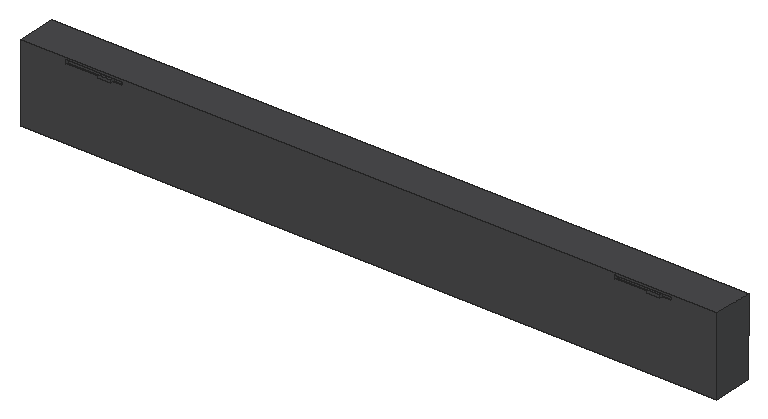
Revit family "DOT BLOCK CEILLING 646_DTSM30U6.1.36", category Luminarias, Revit 2019
Family settings
  Cota de conector redondo = Diámetro de uso
  Tipo de pieza = Normal
  Se basa en plano de trabajo = Sí
  Siempre vertical = Sí
  Corte con vacíos al cargar = No
  Origen de luz = Sí
  Compartido = No
  Punto de cálculo de habitación = No
Parameters (values of type "DOT BLOCK CEILLING 646_DTSM30U6.1.36")
  Ángulo de inclinación = 60.00°
  Zone [instance] = ""
  Watt per fixture = 30
  Wattage = 30 W
  built-in parameter 1150107 = 2700 (stored number, unit not read)
  built-in parameter 1150110 = 1 (stored number, unit not read)
  built-in parameter 1150109 = 1 (stored number, unit not read)
  built-in parameter 1150112 = 1 (stored number, unit not read)
  built-in parameter 1150113 = 1 (stored number, unit not read)
  built-in parameter 1114218 = 1 (stored number, unit not read)
  Keynote = ""
  built-in parameter 1150137 = (empty or 0)
  built-in parameter 1150132 = (empty or 0)
  Modelo = "DTSM30U6.1.36"
  Lámpara = "3030SMD PHILIPS"
  built-in parameter 1150105 = 195.76 (stored number, unit not read)
  built-in parameter 1150102 = (empty or 0)
  built-in parameter 1150106 = 1.9576 (stored number, unit not read)
  Lumens = 2460 lm
  Color Filter = 16777215
  built-in parameter 1114217 = 1 (stored number, unit not read)
  built-in parameter 1150139 = (empty or 0)
  Fabricante = "BRILLANT"
  Default Elevation = 1219.2 mm
  built-in parameter 1150104 = 7.618 (stored number, unit not read)
  Descripción = "LUMINARIA DOWNLIGHT EN FORMATO RECTANGULAR PARA SOBREPONER DIRECTO EN TECHO, CUERPO DE ALUMINIO ACABADO EN COLOR NEGRO, IP 20, PESO 1.40Kg, TIPO DE LED 3030SMD PHILIPS CON 30W TOTAL, 2300 LUMENES, 82LM/W, IRC 90, TEMPERATURA EN BLANCO CALIDO 2700K, 50 MIL HORAS DE VIDA PROMEDIO, APERTURA DE 36 GRADOS POR PROYECTO, ALIMENTADO A 90-240V"
  built-in parameter 1150115 = 1 (stored number, unit not read)
  built-in parameter 1150114 = 1 (stored number, unit not read)
  Comentarios de vataje = "90-240V"
  built-in parameter 1150138 = (empty or 0)
  built-in parameter 1150134 = (empty or 0)
  Circuit [instance] = ""
  Dimming Lamp Color Temperature Shift = (empty or 0)
  Archivo de red fotométrica = "L646A-30W-827-B-36_IESNA95.IES"
  built-in parameter 1150133 = 10 (stored number, unit not read)
Reference planes
  plane 1 "Centro (Frontal/Posterior)": y = 0
  plane 2: z = 0
  plane 3 "Centro (Izquierda/Derecha)": x = 0
Forms (mm)
  Extrusion 1, solid, material "Default Form", not visible
    sketch origin (0, 0, 0) x (1, 0, 0) y (0, 0, 1)
      loop
        line (-473, 0) -> (-473, -72) -> (473, -72) -> (473, 0) -> (-473, 0)
    from -18.326 to 18.326
  Blend 2, void, not visible
    base sketch origin (-293.63, 0, 0) x (1, 0, 0) y (0, 1, 0)
      loop
        line (-162, 16.149) -> (-162, -16.149) -> (-144.14, -16.149) -> (-144.14, 16.149) -> (-162, 16.149)
    top sketch origin (-293.63, 0, 0) x (1, 0, 0) y (0, 1, 0)
      loop
        line (-160, 12.149) -> (-160, -12.149) -> (-146.14, -12.149) -> (-146.14, 12.149) -> (-160, 12.149)
    from -72 to -61.591
  Blend 3, void, not visible
    base sketch origin (-267.33, 0, 0) x (1, 0, 0) y (0, 1, 0)
      loop
        line (-162, 16.149) -> (-162, -16.149) -> (-144.14, -16.149) -> (-144.14, 16.149) -> (-162, 16.149)
    top sketch origin (-267.33, 0, 0) x (1, 0, 0) y (0, 1, 0)
      loop
        line (-160, 12.149) -> (-160, -12.149) -> (-146.14, -12.149) -> (-146.14, 12.149) -> (-160, 12.149)
    from -72 to -61.591
  Blend 4, void, not visible
    base sketch origin (-241.03, 0, 0) x (1, 0, 0) y (0, 1, 0)
      loop
        line (-162, 16.149) -> (-162, -16.149) -> (-144.14, -16.149) -> (-144.14, 16.149) -> (-162, 16.149)
    top sketch origin (-241.03, 0, 0) x (1, 0, 0) y (0, 1, 0)
      loop
        line (-160, 12.149) -> (-160, -12.149) -> (-146.14, -12.149) -> (-146.14, 12.149) -> (-160, 12.149)
    from -72 to -61.591
  Blend 5, void, not visible
    base sketch origin (-214.73, 0, 0) x (1, 0, 0) y (0, 1, 0)
      loop
        line (-162, 16.149) -> (-162, -16.149) -> (-144.14, -16.149) -> (-144.14, 16.149) -> (-162, 16.149)
    top sketch origin (-214.73, 0, 0) x (1, 0, 0) y (0, 1, 0)
      loop
        line (-160, 12.149) -> (-160, -12.149) -> (-146.14, -12.149) -> (-146.14, 12.149) -> (-160, 12.149)
    from -72 to -61.591
  Blend 6, void, not visible
    base sketch origin (-188.43, 0, 0) x (1, 0, 0) y (0, 1, 0)
      loop
        line (-162, 16.149) -> (-162, -16.149) -> (-144.14, -16.149) -> (-144.14, 16.149) -> (-162, 16.149)
    top sketch origin (-188.43, 0, 0) x (1, 0, 0) y (0, 1, 0)
      loop
        line (-160, 12.149) -> (-160, -12.149) -> (-146.14, -12.149) -> (-146.14, 12.149) -> (-160, 12.149)
    from -72 to -61.591
  Blend 7, void, not visible
    base sketch origin (-162.13, 0, 0) x (1, 0, 0) y (0, 1, 0)
      loop
        line (-162, 16.149) -> (-162, -16.149) -> (-144.14, -16.149) -> (-144.14, 16.149) -> (-162, 16.149)
    top sketch origin (-162.13, 0, 0) x (1, 0, 0) y (0, 1, 0)
      loop
        line (-160, 12.149) -> (-160, -12.149) -> (-146.14, -12.149) -> (-146.14, 12.149) -> (-160, 12.149)
    from -72 to -61.591
  Blend 8, void, not visible
    base sketch origin (-135.83, 0, 0) x (1, 0, 0) y (0, 1, 0)
      loop
        line (-162, 16.149) -> (-162, -16.149) -> (-144.14, -16.149) -> (-144.14, 16.149) -> (-162, 16.149)
    top sketch origin (-135.83, 0, 0) x (1, 0, 0) y (0, 1, 0)
      loop
        line (-160, 12.149) -> (-160, -12.149) -> (-146.14, -12.149) -> (-146.14, 12.149) -> (-160, 12.149)
    from -72 to -61.591
  Blend 9, void, not visible
    base sketch origin (-109.53, 0, 0) x (1, 0, 0) y (0, 1, 0)
      loop
        line (-162, 16.149) -> (-162, -16.149) -> (-144.14, -16.149) -> (-144.14, 16.149) -> (-162, 16.149)
    top sketch origin (-109.53, 0, 0) x (1, 0, 0) y (0, 1, 0)
      loop
        line (-160, 12.149) -> (-160, -12.149) -> (-146.14, -12.149) -> (-146.14, 12.149) -> (-160, 12.149)
    from -72 to -61.591
  Blend 10, void, not visible
    base sketch origin (-83.23, 0, 0) x (1, 0, 0) y (0, 1, 0)
      loop
        line (-162, 16.149) -> (-162, -16.149) -> (-144.14, -16.149) -> (-144.14, 16.149) -> (-162, 16.149)
    top sketch origin (-83.23, 0, 0) x (1, 0, 0) y (0, 1, 0)
      loop
        line (-160, 12.149) -> (-160, -12.149) -> (-146.14, -12.149) -> (-146.14, 12.149) -> (-160, 12.149)
    from -72 to -61.591
  Blend 11, void, not visible
    base sketch origin (-56.93, 0, 0) x (1, 0, 0) y (0, 1, 0)
      loop
        line (-162, 16.149) -> (-162, -16.149) -> (-144.14, -16.149) -> (-144.14, 16.149) -> (-162, 16.149)
    top sketch origin (-56.93, 0, 0) x (1, 0, 0) y (0, 1, 0)
      loop
        line (-160, 12.149) -> (-160, -12.149) -> (-146.14, -12.149) -> (-146.14, 12.149) -> (-160, 12.149)
    from -72 to -61.591
  Blend 12, void, not visible
    base sketch origin (-30.63, 0, 0) x (1, 0, 0) y (0, 1, 0)
      loop
        line (-162, 16.149) -> (-162, -16.149) -> (-144.14, -16.149) -> (-144.14, 16.149) -> (-162, 16.149)
    top sketch origin (-30.63, 0, 0) x (1, 0, 0) y (0, 1, 0)
      loop
        line (-160, 12.149) -> (-160, -12.149) -> (-146.14, -12.149) -> (-146.14, 12.149) -> (-160, 12.149)
    from -72 to -61.591
  Blend 13, void, not visible
    base sketch origin (-4.33, 0, 0) x (1, 0, 0) y (0, 1, 0)
      loop
        line (-162, 16.149) -> (-162, -16.149) -> (-144.14, -16.149) -> (-144.14, 16.149) -> (-162, 16.149)
    top sketch origin (-4.33, 0, 0) x (1, 0, 0) y (0, 1, 0)
      loop
        line (-160, 12.149) -> (-160, -12.149) -> (-146.14, -12.149) -> (-146.14, 12.149) -> (-160, 12.149)
    from -72 to -61.591
  Blend 14, void, not visible
    base sketch origin (21.97, 0, 0) x (1, 0, 0) y (0, 1, 0)
      loop
        line (-162, 16.149) -> (-162, -16.149) -> (-144.14, -16.149) -> (-144.14, 16.149) -> (-162, 16.149)
    top sketch origin (21.97, 0, 0) x (1, 0, 0) y (0, 1, 0)
      loop
        line (-160, 12.149) -> (-160, -12.149) -> (-146.14, -12.149) -> (-146.14, 12.149) -> (-160, 12.149)
    from -72 to -61.591
  Blend 15, void, not visible
    base sketch origin (48.27, 0, 0) x (1, 0, 0) y (0, 1, 0)
      loop
        line (-162, 16.149) -> (-162, -16.149) -> (-144.14, -16.149) -> (-144.14, 16.149) -> (-162, 16.149)
    top sketch origin (48.27, 0, 0) x (1, 0, 0) y (0, 1, 0)
      loop
        line (-160, 12.149) -> (-160, -12.149) -> (-146.14, -12.149) -> (-146.14, 12.149) -> (-160, 12.149)
    from -72 to -61.591
  Blend 16, void, not visible
    base sketch origin (74.57, 0, 0) x (1, 0, 0) y (0, 1, 0)
      loop
        line (-162, 16.149) -> (-162, -16.149) -> (-144.14, -16.149) -> (-144.14, 16.149) -> (-162, 16.149)
    top sketch origin (74.57, 0, 0) x (1, 0, 0) y (0, 1, 0)
      loop
        line (-160, 12.149) -> (-160, -12.149) -> (-146.14, -12.149) -> (-146.14, 12.149) -> (-160, 12.149)
    from -72 to -61.591
  Blend 17, void, not visible
    base sketch origin (100.87, 0, 0) x (1, 0, 0) y (0, 1, 0)
      loop
        line (-162, 16.149) -> (-162, -16.149) -> (-144.14, -16.149) -> (-144.14, 16.149) -> (-162, 16.149)
    top sketch origin (100.87, 0, 0) x (1, 0, 0) y (0, 1, 0)
      loop
        line (-160, 12.149) -> (-160, -12.149) -> (-146.14, -12.149) -> (-146.14, 12.149) -> (-160, 12.149)
    from -72 to -61.591
  Blend 18, void, not visible
    base sketch origin (127.17, 0, 0) x (1, 0, 0) y (0, 1, 0)
      loop
        line (-162, 16.149) -> (-162, -16.149) -> (-144.14, -16.149) -> (-144.14, 16.149) -> (-162, 16.149)
    top sketch origin (127.17, 0, 0) x (1, 0, 0) y (0, 1, 0)
      loop
        line (-160, 12.149) -> (-160, -12.149) -> (-146.14, -12.149) -> (-146.14, 12.149) -> (-160, 12.149)
    from -72 to -61.591
  Blend 19, void, not visible
    base sketch origin (153.47, 0, 0) x (1, 0, 0) y (0, 1, 0)
      loop
        line (-162, 16.149) -> (-162, -16.149) -> (-144.14, -16.149) -> (-144.14, 16.149) -> (-162, 16.149)
    top sketch origin (153.47, 0, 0) x (1, 0, 0) y (0, 1, 0)
      loop
        line (-160, 12.149) -> (-160, -12.149) -> (-146.14, -12.149) -> (-146.14, 12.149) -> (-160, 12.149)
    from -72 to -61.591
  Blend 20, void, not visible
    base sketch origin (179.77, 0, 0) x (1, 0, 0) y (0, 1, 0)
      loop
        line (-162, 16.149) -> (-162, -16.149) -> (-144.14, -16.149) -> (-144.14, 16.149) -> (-162, 16.149)
    top sketch origin (179.77, 0, 0) x (1, 0, 0) y (0, 1, 0)
      loop
        line (-160, 12.149) -> (-160, -12.149) -> (-146.14, -12.149) -> (-146.14, 12.149) -> (-160, 12.149)
    from -72 to -61.591
  Blend 21, void, not visible
    base sketch origin (206.07, 0, 0) x (1, 0, 0) y (0, 1, 0)
      loop
        line (-162, 16.149) -> (-162, -16.149) -> (-144.14, -16.149) -> (-144.14, 16.149) -> (-162, 16.149)
    top sketch origin (206.07, 0, 0) x (1, 0, 0) y (0, 1, 0)
      loop
        line (-160, 12.149) -> (-160, -12.149) -> (-146.14, -12.149) -> (-146.14, 12.149) -> (-160, 12.149)
    from -72 to -61.591
  Blend 22, void, not visible
    base sketch origin (232.37, 0, 0) x (1, 0, 0) y (0, 1, 0)
      loop
        line (-162, 16.149) -> (-162, -16.149) -> (-144.14, -16.149) -> (-144.14, 16.149) -> (-162, 16.149)
    top sketch origin (232.37, 0, 0) x (1, 0, 0) y (0, 1, 0)
      loop
        line (-160, 12.149) -> (-160, -12.149) -> (-146.14, -12.149) -> (-146.14, 12.149) -> (-160, 12.149)
    from -72 to -61.591
  Blend 23, void, not visible
    base sketch origin (258.67, 0, 0) x (1, 0, 0) y (0, 1, 0)
      loop
        line (-162, 16.149) -> (-162, -16.149) -> (-144.14, -16.149) -> (-144.14, 16.149) -> (-162, 16.149)
    top sketch origin (258.67, 0, 0) x (1, 0, 0) y (0, 1, 0)
      loop
        line (-160, 12.149) -> (-160, -12.149) -> (-146.14, -12.149) -> (-146.14, 12.149) -> (-160, 12.149)
    from -72 to -61.591
  Blend 24, void, not visible
    base sketch origin (284.97, 0, 0) x (1, 0, 0) y (0, 1, 0)
      loop
        line (-162, 16.149) -> (-162, -16.149) -> (-144.14, -16.149) -> (-144.14, 16.149) -> (-162, 16.149)
    top sketch origin (284.97, 0, 0) x (1, 0, 0) y (0, 1, 0)
      loop
        line (-160, 12.149) -> (-160, -12.149) -> (-146.14, -12.149) -> (-146.14, 12.149) -> (-160, 12.149)
    from -72 to -61.591
  Blend 25, void, not visible
    base sketch origin (311.27, 0, 0) x (1, 0, 0) y (0, 1, 0)
      loop
        line (-162, 16.149) -> (-162, -16.149) -> (-144.14, -16.149) -> (-144.14, 16.149) -> (-162, 16.149)
    top sketch origin (311.27, 0, 0) x (1, 0, 0) y (0, 1, 0)
      loop
        line (-160, 12.149) -> (-160, -12.149) -> (-146.14, -12.149) -> (-146.14, 12.149) -> (-160, 12.149)
    from -72 to -61.591
  Blend 26, void, not visible
    base sketch origin (337.57, 0, 0) x (1, 0, 0) y (0, 1, 0)
      loop
        line (-162, 16.149) -> (-162, -16.149) -> (-144.14, -16.149) -> (-144.14, 16.149) -> (-162, 16.149)
    top sketch origin (337.57, 0, 0) x (1, 0, 0) y (0, 1, 0)
      loop
        line (-160, 12.149) -> (-160, -12.149) -> (-146.14, -12.149) -> (-146.14, 12.149) -> (-160, 12.149)
    from -72 to -61.591
  Blend 27, void, not visible
    base sketch origin (363.87, 0, 0) x (1, 0, 0) y (0, 1, 0)
      loop
        line (-162, 16.149) -> (-162, -16.149) -> (-144.14, -16.149) -> (-144.14, 16.149) -> (-162, 16.149)
    top sketch origin (363.87, 0, 0) x (1, 0, 0) y (0, 1, 0)
      loop
        line (-160, 12.149) -> (-160, -12.149) -> (-146.14, -12.149) -> (-146.14, 12.149) -> (-160, 12.149)
    from -72 to -61.591
  Blend 28, void, not visible
    base sketch origin (390.17, 0, 0) x (1, 0, 0) y (0, 1, 0)
      loop
        line (-162, 16.149) -> (-162, -16.149) -> (-144.14, -16.149) -> (-144.14, 16.149) -> (-162, 16.149)
    top sketch origin (390.17, 0, 0) x (1, 0, 0) y (0, 1, 0)
      loop
        line (-160, 12.149) -> (-160, -12.149) -> (-146.14, -12.149) -> (-146.14, 12.149) -> (-160, 12.149)
    from -72 to -61.591
  Blend 29, void, not visible
    base sketch origin (416.47, 0, 0) x (1, 0, 0) y (0, 1, 0)
      loop
        line (-162, 16.149) -> (-162, -16.149) -> (-144.14, -16.149) -> (-144.14, 16.149) -> (-162, 16.149)
    top sketch origin (416.47, 0, 0) x (1, 0, 0) y (0, 1, 0)
      loop
        line (-160, 12.149) -> (-160, -12.149) -> (-146.14, -12.149) -> (-146.14, 12.149) -> (-160, 12.149)
    from -72 to -61.591
  Blend 30, void, not visible
    base sketch origin (442.77, 0, 0) x (1, 0, 0) y (0, 1, 0)
      loop
        line (-162, 16.149) -> (-162, -16.149) -> (-144.14, -16.149) -> (-144.14, 16.149) -> (-162, 16.149)
    top sketch origin (442.77, 0, 0) x (1, 0, 0) y (0, 1, 0)
      loop
        line (-160, 12.149) -> (-160, -12.149) -> (-146.14, -12.149) -> (-146.14, 12.149) -> (-160, 12.149)
    from -72 to -61.591
  Blend 31, void, not visible
    base sketch origin (469.07, 0, 0) x (1, 0, 0) y (0, 1, 0)
      loop
        line (-162, 16.149) -> (-162, -16.149) -> (-144.14, -16.149) -> (-144.14, 16.149) -> (-162, 16.149)
    top sketch origin (469.07, 0, 0) x (1, 0, 0) y (0, 1, 0)
      loop
        line (-160, 12.149) -> (-160, -12.149) -> (-146.14, -12.149) -> (-146.14, 12.149) -> (-160, 12.149)
    from -72 to -61.591
  Blend 32, void, not visible
    base sketch origin (495.37, 0, 0) x (1, 0, 0) y (0, 1, 0)
      loop
        line (-162, 16.149) -> (-162, -16.149) -> (-144.14, -16.149) -> (-144.14, 16.149) -> (-162, 16.149)
    top sketch origin (495.37, 0, 0) x (1, 0, 0) y (0, 1, 0)
      loop
        line (-160, 12.149) -> (-160, -12.149) -> (-146.14, -12.149) -> (-146.14, 12.149) -> (-160, 12.149)
    from -72 to -61.591
  Blend 33, void, not visible
    base sketch origin (521.67, 0, 0) x (1, 0, 0) y (0, 1, 0)
      loop
        line (-162, 16.149) -> (-162, -16.149) -> (-144.14, -16.149) -> (-144.14, 16.149) -> (-162, 16.149)
    top sketch origin (521.67, 0, 0) x (1, 0, 0) y (0, 1, 0)
      loop
        line (-160, 12.149) -> (-160, -12.149) -> (-146.14, -12.149) -> (-146.14, 12.149) -> (-160, 12.149)
    from -72 to -61.591
  Blend 34, void, not visible
    base sketch origin (547.97, 0, 0) x (1, 0, 0) y (0, 1, 0)
      loop
        line (-162, 16.149) -> (-162, -16.149) -> (-144.14, -16.149) -> (-144.14, 16.149) -> (-162, 16.149)
    top sketch origin (547.97, 0, 0) x (1, 0, 0) y (0, 1, 0)
      loop
        line (-160, 12.149) -> (-160, -12.149) -> (-146.14, -12.149) -> (-146.14, 12.149) -> (-160, 12.149)
    from -72 to -61.591
  Blend 35, void, not visible
    base sketch origin (574.27, 0, 0) x (1, 0, 0) y (0, 1, 0)
      loop
        line (-162, 16.149) -> (-162, -16.149) -> (-144.14, -16.149) -> (-144.14, 16.149) -> (-162, 16.149)
    top sketch origin (574.27, 0, 0) x (1, 0, 0) y (0, 1, 0)
      loop
        line (-160, 12.149) -> (-160, -12.149) -> (-146.14, -12.149) -> (-146.14, 12.149) -> (-160, 12.149)
    from -72 to -61.591
  Blend 36, void, not visible
    base sketch origin (600.57, 0, 0) x (1, 0, 0) y (0, 1, 0)
      loop
        line (-162, 16.149) -> (-162, -16.149) -> (-144.14, -16.149) -> (-144.14, 16.149) -> (-162, 16.149)
    top sketch origin (600.57, 0, 0) x (1, 0, 0) y (0, 1, 0)
      loop
        line (-160, 12.149) -> (-160, -12.149) -> (-146.14, -12.149) -> (-146.14, 12.149) -> (-160, 12.149)
    from -72 to -61.591
  Extrusion 37, solid, not visible
    sketch origin (-463.861, 0, 3.217) x (0, -1, 0) y (0, 0, -1)
      loop
        line (18.326, 3.217) -> (-18.326, 3.217) -> (-18.326, 73.917) -> (-32.183, 73.917) -> (-32.183, 72.617) -> (-19.626, 72.617) -> (-19.626, 1.917) -> (19.626, 1.917) -> (19.626, 72.617) -> (32.183, 72.617) -> (32.183, 73.917) -> (18.326, 73.917) -> (18.326, 3.217)
    from 89.098 to 128.24
  Extrusion 38, solid, not visible
    sketch origin (-246.523, 0, 3.217) x (0, -1, 0) y (0, 0, 1)
      loop
        line (-19.626, -1.917) -> (19.626, -1.917) -> (19.626, -63.89) -> (20.426, -63.89) -> (20.426, -1.117) -> (-20.426, -1.117) -> (-20.426, -63.89) -> (-19.626, -63.89) -> (-19.626, -1.917)
    from 122.954 to 124.098
  Extrusion 39, solid, not visible
    sketch origin (-463.861, 0, 3.217) x (0, -1, 0) y (0, 0, -1)
      loop
        line (-19.626, 1.917) -> (-19.626, 63.89) -> (-20.426, 63.89) -> (-20.426, 1.117) -> (20.426, 1.117) -> (20.426, 63.89) -> (19.626, 63.89) -> (19.626, 1.917) -> (-19.626, 1.917)
    from 122.954 to 124.098
  Extrusion 40, void, not visible
    sketch origin (0, 0, 0) x (1, 0, 0) y (0, 1, 0)
      loop
        circle (-363.799, -25.904) r 2.055
      loop
        circle (-346.585, -25.904) r 2.055
      loop
        circle (-363.799, 25.904) r 2.055
      loop
        circle (-346.585, 25.904) r 2.055
    from -70.7 to -69.4
  Blend 41, void
    base sketch origin (74.57, 130.851, 72) x (1, 0, 0) y (0, 1, 0)
      loop
        line (-162, -147) -> (-144.14, -147) -> (-144.14, -114.702) -> (-162, -114.702) -> (-162, -147)
    top sketch origin (74.57, 130.851, 72) x (1, 0, 0) y (0, 1, 0)
      loop
        line (-160, -143) -> (-146.14, -143) -> (-146.14, -118.702) -> (-160, -118.702) -> (-160, -143)
    from -72 to -61.591
  Blend 42, void
    base sketch origin (100.87, 130.851, 72) x (1, 0, 0) y (0, 1, 0)
      loop
        line (-162, -147) -> (-144.14, -147) -> (-144.14, -114.702) -> (-162, -114.702) -> (-162, -147)
    top sketch origin (100.87, 130.851, 72) x (1, 0, 0) y (0, 1, 0)
      loop
        line (-160, -143) -> (-146.14, -143) -> (-146.14, -118.702) -> (-160, -118.702) -> (-160, -143)
    from -72 to -61.591
  Blend 43, void
    base sketch origin (127.17, 130.851, 72) x (1, 0, 0) y (0, 1, 0)
      loop
        line (-162, -147) -> (-144.14, -147) -> (-144.14, -114.702) -> (-162, -114.702) -> (-162, -147)
    top sketch origin (127.17, 130.851, 72) x (1, 0, 0) y (0, 1, 0)
      loop
        line (-160, -143) -> (-146.14, -143) -> (-146.14, -118.702) -> (-160, -118.702) -> (-160, -143)
    from -72 to -61.591
  Blend 44, void
    base sketch origin (153.47, 130.851, 72) x (1, 0, 0) y (0, 1, 0)
      loop
        line (-162, -147) -> (-144.14, -147) -> (-144.14, -114.702) -> (-162, -114.702) -> (-162, -147)
    top sketch origin (153.47, 130.851, 72) x (1, 0, 0) y (0, 1, 0)
      loop
        line (-160, -143) -> (-146.14, -143) -> (-146.14, -118.702) -> (-160, -118.702) -> (-160, -143)
    from -72 to -61.591
  Blend 45, void
    base sketch origin (179.77, 130.851, 72) x (1, 0, 0) y (0, 1, 0)
      loop
        line (-162, -147) -> (-144.14, -147) -> (-144.14, -114.702) -> (-162, -114.702) -> (-162, -147)
    top sketch origin (179.77, 130.851, 72) x (1, 0, 0) y (0, 1, 0)
      loop
        line (-160, -143) -> (-146.14, -143) -> (-146.14, -118.702) -> (-160, -118.702) -> (-160, -143)
    from -72 to -61.591
  Blend 46, void
    base sketch origin (206.07, 130.851, 72) x (1, 0, 0) y (0, 1, 0)
      loop
        line (-162, -147) -> (-144.14, -147) -> (-144.14, -114.702) -> (-162, -114.702) -> (-162, -147)
    top sketch origin (206.07, 130.851, 72) x (1, 0, 0) y (0, 1, 0)
      loop
        line (-160, -143) -> (-146.14, -143) -> (-146.14, -118.702) -> (-160, -118.702) -> (-160, -143)
    from -72 to -61.591
  Blend 47, void
    base sketch origin (232.37, 130.851, 72) x (1, 0, 0) y (0, 1, 0)
      loop
        line (-162, -147) -> (-144.14, -147) -> (-144.14, -114.702) -> (-162, -114.702) -> (-162, -147)
    top sketch origin (232.37, 130.851, 72) x (1, 0, 0) y (0, 1, 0)
      loop
        line (-160, -143) -> (-146.14, -143) -> (-146.14, -118.702) -> (-160, -118.702) -> (-160, -143)
    from -72 to -61.591
  Extrusion 48, solid, material "Default Form"
    sketch origin (0, 0, 72) x (1, 0, 0) y (0, 0, -1)
      loop
        line (-323, 0) -> (323, 0) -> (323, 72) -> (-323, 72) -> (-323, 0)
    from -18.326 to 18.326
  Blend 49, void
    base sketch origin (258.67, 130.851, 72) x (1, 0, 0) y (0, 1, 0)
      loop
        line (-162, -147) -> (-144.14, -147) -> (-144.14, -114.702) -> (-162, -114.702) -> (-162, -147)
    top sketch origin (258.67, 130.851, 72) x (1, 0, 0) y (0, 1, 0)
      loop
        line (-160, -143) -> (-146.14, -143) -> (-146.14, -118.702) -> (-160, -118.702) -> (-160, -143)
    from -72 to -61.591
  Blend 50, void
    base sketch origin (284.97, 130.851, 72) x (1, 0, 0) y (0, 1, 0)
      loop
        line (-162, -147) -> (-144.14, -147) -> (-144.14, -114.702) -> (-162, -114.702) -> (-162, -147)
    top sketch origin (284.97, 130.851, 72) x (1, 0, 0) y (0, 1, 0)
      loop
        line (-160, -143) -> (-146.14, -143) -> (-146.14, -118.702) -> (-160, -118.702) -> (-160, -143)
    from -72 to -61.591
  Blend 51, void
    base sketch origin (21.97, 130.851, 72) x (1, 0, 0) y (0, 1, 0)
      loop
        line (-162, -147) -> (-144.14, -147) -> (-144.14, -114.702) -> (-162, -114.702) -> (-162, -147)
    top sketch origin (21.97, 130.851, 72) x (1, 0, 0) y (0, 1, 0)
      loop
        line (-160, -143) -> (-146.14, -143) -> (-146.14, -118.702) -> (-160, -118.702) -> (-160, -143)
    from -72 to -61.591
  Blend 52, void
    base sketch origin (48.27, 130.851, 72) x (1, 0, 0) y (0, 1, 0)
      loop
        line (-162, -147) -> (-144.14, -147) -> (-144.14, -114.702) -> (-162, -114.702) -> (-162, -147)
    top sketch origin (48.27, 130.851, 72) x (1, 0, 0) y (0, 1, 0)
      loop
        line (-160, -143) -> (-146.14, -143) -> (-146.14, -118.702) -> (-160, -118.702) -> (-160, -143)
    from -72 to -61.591
  Extrusion 53, void
    sketch origin (-158.75, 0, 0) x (1, 0, 0) y (0, 1, 0)
      loop
        line (-122.17, -18.326) -> (-69.57, -18.326) -> (-69.57, -16.149) -> (-122.17, -16.149) -> (-122.17, -18.326)
      loop
        line (-122.17, 18.326) -> (-122.17, 16.149) -> (-69.57, 16.149) -> (-69.57, 18.326) -> (-122.17, 18.326)
    from 66.852 to 70.535
  Extrusion 54, solid, material "Default Form"
    sketch origin (125, 0, 0) x (1, 0, 0) y (0, 1, 0)
      loop
        line (146.935, -16.149) -> (145.601, -16.149) -> (145.601, -18.326) -> (135.101, -18.326) -> (135.101, -20.238) -> (146.935, -20.238) -> (146.935, -16.149)
      loop
        line (146.935, 16.149) -> (146.935, 20.238) -> (135.101, 20.238) -> (135.101, 18.326) -> (145.601, 18.326) -> (145.601, 16.149) -> (146.935, 16.149)
      loop
        line (-362.305, -16.149) -> (-363.639, -16.149) -> (-363.639, -18.326) -> (-374.139, -18.326) -> (-374.139, -20.238) -> (-362.305, -20.238) -> (-362.305, -16.149)
      loop
        line (-362.305, 16.149) -> (-362.305, 20.238) -> (-374.139, 20.238) -> (-374.139, 18.326) -> (-363.639, 18.326) -> (-363.639, 16.149) -> (-362.305, 16.149)
    from 67.466 to 69.773
  Extrusion 55, void
    sketch origin (158.75, 0, 0) x (-1, 0, 0) y (0, -1, 0)
      loop
        line (-122.17, 18.326) -> (-122.17, 16.149) -> (-69.57, 16.149) -> (-69.57, 18.326) -> (-122.17, 18.326)
      loop
        line (-122.17, -18.326) -> (-69.57, -18.326) -> (-69.57, -16.149) -> (-122.17, -16.149) -> (-122.17, -18.326)
    from 66.852 to 70.535
  Blend 56, void
    base sketch origin (311.27, 130.851, 72) x (1, 0, 0) y (0, 1, 0)
      loop
        line (-162, -147) -> (-144.14, -147) -> (-144.14, -114.702) -> (-162, -114.702) -> (-162, -147)
    top sketch origin (311.27, 130.851, 72) x (1, 0, 0) y (0, 1, 0)
      loop
        line (-160, -143) -> (-146.14, -143) -> (-146.14, -118.702) -> (-160, -118.702) -> (-160, -143)
    from -72 to -61.591
  Blend 57, void
    base sketch origin (337.57, 130.851, 72) x (1, 0, 0) y (0, 1, 0)
      loop
        line (-162, -147) -> (-144.14, -147) -> (-144.14, -114.702) -> (-162, -114.702) -> (-162, -147)
    top sketch origin (337.57, 130.851, 72) x (1, 0, 0) y (0, 1, 0)
      loop
        line (-160, -143) -> (-146.14, -143) -> (-146.14, -118.702) -> (-160, -118.702) -> (-160, -143)
    from -72 to -61.591
  Blend 58, void
    base sketch origin (363.87, 130.851, 72) x (1, 0, 0) y (0, 1, 0)
      loop
        line (-162, -147) -> (-144.14, -147) -> (-144.14, -114.702) -> (-162, -114.702) -> (-162, -147)
    top sketch origin (363.87, 130.851, 72) x (1, 0, 0) y (0, 1, 0)
      loop
        line (-160, -143) -> (-146.14, -143) -> (-146.14, -118.702) -> (-160, -118.702) -> (-160, -143)
    from -72 to -61.591
  Blend 59, void
    base sketch origin (390.17, 130.851, 72) x (1, 0, 0) y (0, 1, 0)
      loop
        line (-162, -147) -> (-144.14, -147) -> (-144.14, -114.702) -> (-162, -114.702) -> (-162, -147)
    top sketch origin (390.17, 130.851, 72) x (1, 0, 0) y (0, 1, 0)
      loop
        line (-160, -143) -> (-146.14, -143) -> (-146.14, -118.702) -> (-160, -118.702) -> (-160, -143)
    from -72 to -61.591
  Blend 60, void
    base sketch origin (-30.63, 130.851, 72) x (1, 0, 0) y (0, 1, 0)
      loop
        line (-162, -147) -> (-144.14, -147) -> (-144.14, -114.702) -> (-162, -114.702) -> (-162, -147)
    top sketch origin (-30.63, 130.851, 72) x (1, 0, 0) y (0, 1, 0)
      loop
        line (-160, -143) -> (-146.14, -143) -> (-146.14, -118.702) -> (-160, -118.702) -> (-160, -143)
    from -72 to -61.591
  Blend 61, void
    base sketch origin (-4.33, 130.851, 72) x (1, 0, 0) y (0, 1, 0)
      loop
        line (-162, -147) -> (-144.14, -147) -> (-144.14, -114.702) -> (-162, -114.702) -> (-162, -147)
    top sketch origin (-4.33, 130.851, 72) x (1, 0, 0) y (0, 1, 0)
      loop
        line (-160, -143) -> (-146.14, -143) -> (-146.14, -118.702) -> (-160, -118.702) -> (-160, -143)
    from -72 to -61.591
  Blend 62, void
    base sketch origin (-83.23, 130.851, 72) x (1, 0, 0) y (0, 1, 0)
      loop
        line (-162, -147) -> (-144.14, -147) -> (-144.14, -114.702) -> (-162, -114.702) -> (-162, -147)
    top sketch origin (-83.23, 130.851, 72) x (1, 0, 0) y (0, 1, 0)
      loop
        line (-160, -143) -> (-146.14, -143) -> (-146.14, -118.702) -> (-160, -118.702) -> (-160, -143)
    from -72 to -61.591
  Blend 63, void
    base sketch origin (-56.93, 130.851, 72) x (1, 0, 0) y (0, 1, 0)
      loop
        line (-162, -147) -> (-144.14, -147) -> (-144.14, -114.702) -> (-162, -114.702) -> (-162, -147)
    top sketch origin (-56.93, 130.851, 72) x (1, 0, 0) y (0, 1, 0)
      loop
        line (-160, -143) -> (-146.14, -143) -> (-146.14, -118.702) -> (-160, -118.702) -> (-160, -143)
    from -72 to -61.591
Cuts and joins
  Blend 41, Blend 42, Blend 43, Blend 44, Blend 45, Blend 46, Blend 47, Blend 49, Blend 50, Blend 51, Blend 52, Extrusion 53, Extrusion 55, Blend 56, Blend 57, Blend 58, Blend 59, Blend 60, Blend 61, Blend 62, Blend 63 cuts Extrusion 48
  Extrusion 55 cuts Extrusion 54
Dimensions and locks
  cut or joined group 1 (Blend 41, Blend 42, Blend 43, Blend 44, Blend 45, Blend 46, Blend 47, Extrusion 48, Blend 49, Blend 50, Blend 51, Blend 52, Extrusion 53, Extrusion 55, Blend 56, Blend 57, Blend 58, Blend 59, Blend 60, Blend 61, Blend 62, Blend 63) to cut or joined group 1 = 72 mm  (x2)
  cut or joined group 1 to cut or joined group 1 = 36.651 mm
  cut or joined group 1 to cut or joined group 1 = 646 mm
  cut or joined group 1 to cut or joined group 1 = 42.08 mm  (x2)
  aligned and locked: level to plane 2
Connectors
  electrical at (0, 0, 72)
    settings: on cut or joined group 1, index 1, voltage 0 V, apparent load 0 VA, apparent load phase1 0 VA, apparent load phase2 0 VA, apparent load phase3 0 VA, power factor 1, load classification "Otro", number of poles 1, system type 31, power factor state 1, is connector primary yes, connector utility no, sub classification motor no, connector description ""
